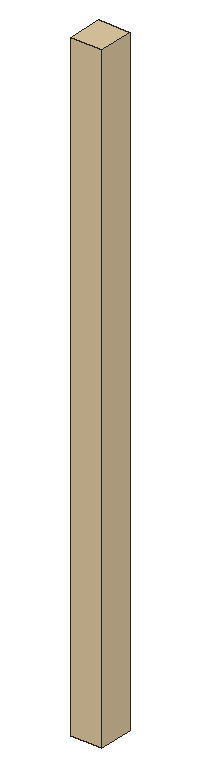
Revit family
Parameters (values of type "127x140")
  b = 127 mm
  d = 140 mm
  Column Material [instance] = Wood - Dimensional Lumber
Types (3, lengths in mm): name | b
  (no name) | 127
  76x140 | 76
  127x140 | 127
Reference planes
  plane 1 "Center (Front/Back)": y = 0
  plane 2: z = 0
  plane 3 "Center (Left/Right)": x = 0
  plane 4: x = -63.5
  plane 5: x = 63.5
  plane 6: y = 70
  plane 7: y = -70
Forms (mm)
  Extrusion 1, solid, material "Wood - Dimensional Lumber" <- "Column Material", detail levels medium+fine
    sketch origin (0, 0, 0) x (1, 0, 0) y (0, 1, 0)
      loop
        line (-63.5, 70) -> (-63.5, -70) -> (63.5, -70) -> (63.5, 70) -> (-63.5, 70)
    from 0 to 2500
Lines and regions (mm)
  symbolic lines, style "StructuralColumnStickSymbols", detail levels coarse
    curve 1: line (-63.5, 70, 0) -> (63.5, 70, 0)
    curve 2: line (-63.5, -70, 0) -> (63.5, -70, 0)
    curve 3: line (-63.5, 70, 0) -> (-63.5, -70, 0)
    curve 4: line (63.5, 70, 0) -> (63.5, -70, 0)
Dimensions and locks
  equal spacing: plane 4, plane 3 "Center (Left/Right)", plane 5
  equal spacing: plane 7, plane 1 "Center (Front/Back)", plane 6
  "d": plane 7 to plane 6
  "b": plane 4 to plane 5
  aligned and locked: plane 6 to Extrusion 1 sketch curve
  aligned and locked: Extrusion 1 sketch curve to plane 7
  aligned and locked: Extrusion 1 sketch curve to plane 4
  aligned and locked: plane 5 to Extrusion 1 sketch curve
  aligned and locked: level to Extrusion 1
  aligned and locked: level to plane 2
  aligned and locked: Extrusion 1 to plane 2
Automatic sketch dimensions
  curve 3 to plane 4 = 0 mm
  curve 4 to plane 5 = 0 mm
  curve 3 to plane 7 = 0 mm
  curve 3 to plane 6 = 0 mm
